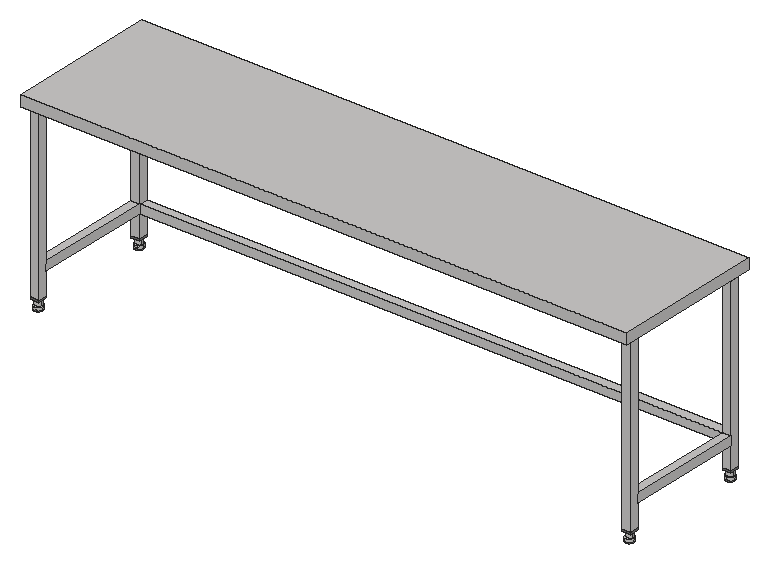
Revit family "QF_ELECTROLUXPROFESSIONAL_133226_TG2800N", category Attrezzature speciali, Revit 2020
Family settings
  Quota connettore circolare = Usa diametro
  Tipo di parte = Normale
  Basato su piano di lavoro = No
  Sempre verticale = Sì
  Taglio con vuoti quando caricato = No
  Condiviso = No
  Punto di calcolo locali = No
Parameters (values of type "Standard")
  Weight = 98.00 kg
  Watts = 0 W
  Volts = 0 V
  URL Manufacturer = "https://www.electroluxprofessional.com/"
  URL = "https://www.electroluxprofessional.com/"
  Steam Supply Size = 0 mm
  Steam Supply Minimum Pressure = 0.0 Pa
  Steam Supply Maximum Pressure = 0.0 Pa
  Steam Consumption per Hour = 0
  Refrigeration Suction Line Size = 0.0 mm
  Refrigeration Liquid Line Size = 0.0 mm
  Refrigerant Compressor Remote = yes
  Prospetto di default = 0.0 mm
  Produttore = "Electrolux Professional"
  Phase = 0
  Modello = "TG2800N"
  Length Actual = 2800.0 mm  # constant formula
  Item Number = "133226"
  Hot Water Size = 0 mm
  Height Actual = 900.0 mm  # constant formula
  HP = "0 HP"
  Gas Size = 0 mm
  Gas KW = 0
  Gas Input Pressure = 0 W
  Direct Waste Size = 0 mm
  Descrizione = "WORK TABLE 2800 MM+UNDERFRAME"
  Depth Actual = 700.0 mm  # constant formula
  Cycle = 0 Hz
  Condensate Return Size = 0 mm
  Compressed Air Volume = 0.0 L/s
  Compressed Air Size = 0 mm
  Compressed Air Pressure = 0.0 Pa
  Cold Water Size = 0 mm
  Accessory = yes
Reference planes
  plane 1 "Center (Front/Back)": y = 0
  plane 2: z = 0
  plane 3 "Center (Left/Right)": x = -900
  plane 4 "LEFT": x = -2300
  plane 5 "RIGHT": x = 500
  plane 6 "BACK": y = 350
  plane 7 "FRONT": y = -350
  plane 8 "Base": z = 850
  plane 9 "TOP": z = 900
  plane 10: x = -2264.5
  plane 11: x = 464.5
  plane 12: y = 290
  plane 13: y = -290
Forms (mm)
  Extrusion 1, solid, material "QF_Finishes_Stainless Steel"
    sketch origin (-900, 0, 0) x (0, 1, 0) y (0, 0, 1)
      loop
        line (-350, 850) -> (350, 850) -> (350, 900) -> (-350, 900) -> (-350, 850)
    from 1400 to -1400
  Extrusion 2, solid, material "QF_Finishes_Stainless Steel"
    sketch origin (-900, 0, 0) x (0, 1, 0) y (0, 0, 1)
      loop
        line (270, 195) -> (270, 155) -> (310, 155) -> (310, 195) -> (270, 195)
    from 1344.5 to -1344.5
  Extrusion 3, solid, material "QF_Finishes_Stainless Steel"
    sketch origin (0, 0, 0) x (1, 0, 0) y (0, 0, 1)
      loop
        line (-2244.5, 195) -> (-2284.5, 195) -> (-2284.5, 155) -> (-2244.5, 155) -> (-2244.5, 195)
      loop
        line (484.5, 195) -> (444.5, 195) -> (444.5, 155) -> (484.5, 155) -> (484.5, 195)
    from 270 to -270
Lines and regions (mm)
  symbolic lines
    curve 1: line (500, 350, 900) -> (-2300, 350, 900)
    curve 2: line (-2300, 350, 900) -> (-2300, -350, 900)
    curve 3: line (-2300, -350, 900) -> (500, -350, 900)
    curve 4: line (500, -350, 900) -> (500, 350, 900)
    curve 5: line (500, 337, 900) -> (-2300, 337, 900)
Dimensions and locks
  plane 4 "LEFT" to plane 5 "RIGHT" = 2800.0 mm
  equal spacing: plane 4 "LEFT", plane 3 "Center (Left/Right)", plane 5 "RIGHT"
  plane 4 "LEFT" to plane 10 = 35.5 mm
  plane 11 to plane 5 "RIGHT" = 35.5 mm
  plane 10 to plane 11 = 2729.0 mm
  plane 6 "BACK" to plane 12 = 60.0 mm
  plane 13 to plane 7 "FRONT" = 60.0 mm
  plane 6 "BACK" to plane 7 "FRONT" = 700.0 mm
  plane 12 to plane 13 = 580.0 mm
  equal spacing: plane 6 "BACK", plane 1 "Center (Front/Back)", plane 7 "FRONT"
  locked: plane 9 "TOP" to level at 900
  locked: plane 8 "Base" to level at 850
  aligned and locked: level to plane 2
  aligned and locked: plane 11 to nested 2
  aligned and locked: nested 2 to plane 12
  aligned and locked: plane 10 to nested 1
  aligned and locked: nested 1 to plane 12
  aligned and locked: Extrusion 1 to plane 4 "LEFT"
  aligned and locked: plane 5 "RIGHT" to Extrusion 1
  aligned and locked: curve 2 to plane 4 "LEFT"
  aligned and locked: nested 4 to nested 3
  aligned and locked: plane 10 to nested 4
  aligned and locked: nested 4 to plane 13
  aligned and locked: nested 3 to plane 13
Automatic sketch dimensions
  curve 3 to plane 7 "FRONT" = 0.0 mm
  curve 5 to plane 5 "RIGHT" = 0.0 mm
  curve 4 to plane 6 "BACK" = 0.0 mm
  curve 5 to plane 6 "BACK" = 13.0 mm
  Extrusion 1 sketch curve to plane 7 "FRONT" = 0.0 mm
  Extrusion 1 sketch curve to plane 9 "TOP" = 0.0 mm
  Extrusion 1 sketch curve to plane 8 "Base" = 0.0 mm
  Extrusion 2 sketch curve to plane 12 = 20.0 mm
  plane 12 to Extrusion 2 sketch curve = 20.0 mm
  level to Extrusion 2 sketch curve = 155.0 mm
  Extrusion 2 sketch curve to Extrusion 2 sketch curve = 40.0 mm
  plane 4 "LEFT" to Extrusion 3 sketch curve = 15.5 mm
  plane 10 to Extrusion 3 sketch curve = 20.0 mm
  Extrusion 3 sketch curve to plane 11 = 20.0 mm
  Extrusion 3 sketch curve to plane 5 "RIGHT" = 15.5 mm
  level to Extrusion 3 sketch curve = 155.0 mm  (x2)
  Extrusion 3 sketch curve to Extrusion 3 sketch curve = 40.0 mm  (x2)
  Extrusion 1 sketch curve to plane 6 "BACK" = 0.0 mm
Nested families
  nested 1: "FEET_40x40_APP42" at (-2264.5, 290, 0), type "FEET_40x40_APP42"
  nested 2: "FEET_40x40_APP42" at (464.5, 290, 0), type "FEET_40x40_APP42"
  nested 3: "FEET_40x40_APP42" at (464.5, -290, 0), type "FEET_40x40_APP42"
  nested 4: "FEET_40x40_APP42" at (-2264.5, -290, 0), type "FEET_40x40_APP42"
Definition of nested family "FEET_40x40_APP42"
  Parameters
    Default Elevation = 0.0 mm
    FEET = 850.0 mm
  Reference planes
    plane 1 "Center (Front/Back)": y = 0
    plane 2: z = 0
    plane 3 "Center (Left/Right)": x = 0
    plane 4: z = 850
  Forms (mm)
    Extrusion 1, solid
      sketch origin (0, 0, 0) x (1, 0, 0) y (0, 1, 0)
        loop
          line (-20, -20) -> (20, -20) -> (20, 20) -> (-20, 20) -> (-20, -20)
      from 50 to 845
    Extrusion 2, solid
      sketch origin (0, 0, 0) x (1, 0, 0) y (0, 1, 0)
        loop
          circle (0, 0) r 20
      from 0 to 5
    Extrusion 3, solid
      sketch origin (0, 0, 0) x (1, 0, 0) y (0, 1, 0)
        loop
          line (30, 30) -> (-30, 30) -> (-30, -30) -> (30, -30) -> (30, 30)
      from 845 to 850
    Extrusion 4, solid
      sketch origin (0, 0, 0) x (1, 0, 0) y (0, 1, 0)
        loop
          line (-20, -20) -> (20, -20) -> (20, 20) -> (-20, 20) -> (-20, -20)
      from 50 to 42
    Revolve 5, solid
      sketch origin (0, 0, 0) x (1, 0, 0) y (0, 0, 1)
        loop
          line (0, 42) -> (-15, 42) -> (-15, 20) -> (-20, 15) -> (-20, 5) -> (0, 5) -> (0, 42)
        axis (0, 42) -> (0, 5)
      angle from 0 to 360
  Lines and regions (mm)
    symbolic lines
      curve 1: line (0, -1.503, 0) -> (0, 1.508, 0)
      curve 2: line (1.561, 0, 0) -> (-1.439, 0, 0)
  Dimensions and locks
    "FEET": plane 4 to plane 2
    aligned and locked: level to plane 2
  Automatic sketch dimensions
    plane 1 "Center (Front/Back)" to curve 2 = 0.0 mm
    curve 1 to plane 3 "Center (Left/Right)" = 0.0 mm
    curve 2 to plane 3 "Center (Left/Right)" = 1.439 mm
    plane 3 "Center (Left/Right)" to curve 2 = 1.561 mm
    plane 1 "Center (Front/Back)" to curve 1 = 1.503 mm
    curve 1 to plane 1 "Center (Front/Back)" = 1.508 mm
    Extrusion 1 sketch curve to plane 3 "Center (Left/Right)" = 20.0 mm
    plane 3 "Center (Left/Right)" to Extrusion 1 sketch curve = 20.0 mm
    plane 1 "Center (Front/Back)" to Extrusion 1 sketch curve = 20.0 mm
    Extrusion 1 sketch curve to plane 1 "Center (Front/Back)" = 20.0 mm
    plane 1 "Center (Front/Back)" to Extrusion 2 sketch curve = 0.0 mm
    Extrusion 2 sketch curve to plane 3 "Center (Left/Right)" = 0.0 mm
    Extrusion 3 sketch curve to plane 3 "Center (Left/Right)" = 30.0 mm
    plane 3 "Center (Left/Right)" to Extrusion 3 sketch curve = 30.0 mm
    plane 1 "Center (Front/Back)" to Extrusion 3 sketch curve = 30.0 mm
    Extrusion 3 sketch curve to plane 1 "Center (Front/Back)" = 30.0 mm
    Extrusion 4 sketch curve to plane 3 "Center (Left/Right)" = 20.0 mm
    plane 3 "Center (Left/Right)" to Extrusion 4 sketch curve = 20.0 mm
    plane 1 "Center (Front/Back)" to Extrusion 4 sketch curve = 20.0 mm
    Extrusion 4 sketch curve to plane 1 "Center (Front/Back)" = 20.0 mm
    Revolve 5 sketch curve to plane 3 "Center (Left/Right)" = 0.0 mm  (x2)
    Revolve 5 sketch curve to plane 3 "Center (Left/Right)" = 15.0 mm
    Revolve 5 sketch curve to Revolve 5 sketch curve = 5.0 mm  (x3)
    level to Revolve 5 sketch curve = 5.0 mm
    Revolve 5 sketch curve to Revolve 5 sketch curve = 10.0 mm
    Revolve 5 sketch curve to Revolve 5 sketch curve = 22.0 mm
    Revolve 5 sketch curve to level = 9.561 mm
    radius of Extrusion 2 sketch curve = 20.0 mm
